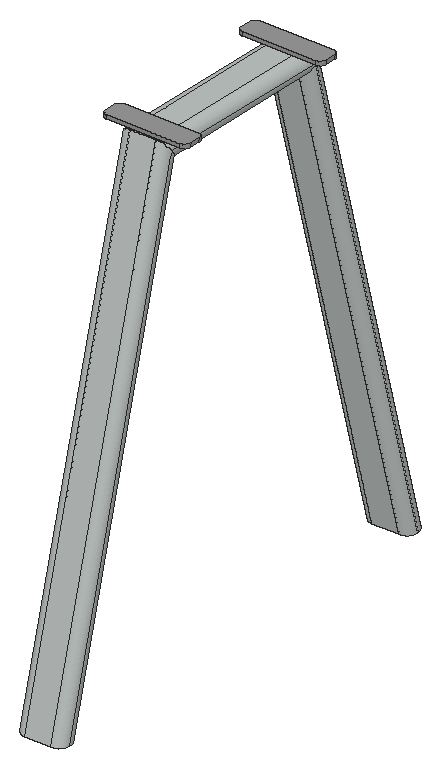
Revit family "FU_Table_Sandler_Plania_PL30220", category Furniture, Revit 2020
Family settings
  OmniClass Number = 23.40.20.00
  OmniClass Title = General Furniture and Specialties
  Work Plane-Based = No
  Always vertical = Yes
  Cut with Voids When Loaded = No
  Shared = No
  Room Calculation Point = No
Parameters (values of type "PL30120")
  Width = 145 mm
  URL = "https://www.sandlerseating.com/product/pl30220/"
  Model = "Plania PL30220"
  Manufacturer = "Sandler"
  Height = 841.5 mm
  Description = "90cm / 36″ high aluminium trestle legs with cable way out for 90cm / 36″ wide Plania table tops. Epoxy finish."
  Depth = 775.6 mm
  Default Elevation = 0 mm
  Aluminum = M1_Aluminum
Reference planes
  plane 1 "Center (Front/Back)": y = 0
  plane 2: z = 0
  plane 3 "Center (Left/Right)": x = 0
  plane 4 "Right": x = -72.5
  plane 5 "Left": x = 72.5
  plane 6 "Back": y = 387.8
  plane 7 "Front": y = -387.8
  plane 8 "Height": z = 841.5
  plane 9 "Seat height": z = 400
  plane 10 "Leg Right Edge": x = -40.5
  plane 11 "Leg Left Edge": x = 40.5
  plane 12 "Right Leg Angle RIGHT": through (4267.2, -369.416, 8.5) normal (0, -0.9659, 0.2588)
  plane 13 "Left Leg Angle LEFT": through (4267.2, 369.416, 8.5) normal (0, -0.9659, -0.2588)
  plane 14 "Top Leg Center RIGHT": z = 817.4
  plane 15 "Glide Height": z = 5.5
  plane 16 "Support Top": z = 835.5
  plane 17: y = -192.858
  plane 18: z = 740.108
  plane 19: y = 192.858
  plane 20 "Right Leg Angle RIGHT": through (4267.2, -479.116, 8.5) normal (0, -0.9659, 0.2588)
  plane 21: y = -302.558
  plane 22 "Left Leg Angle LEFT": through (4267.2, 479.116, 8.5) normal (0, -0.9659, -0.2588)
  plane 23: y = 302.558
Forms (mm)
  Extrusion 1, solid, material "Rubber, Black"
    sketch origin (0, 42.26, 841.5) x (-1, 0, 0) y (0, -1, 0)
      loop
        line (62.5, 205.308) -> (-62.5, 205.308)
        arc (-62.5, 205.308) -> (-69.571, 202.379) -> (-72.5, 195.308) r 10
        line (-72.5, 195.308) -> (-72.5, 177.808)
        arc (-72.5, 177.808) -> (-69.571, 170.736) -> (-62.5, 167.808) r 10
        line (-62.5, 167.808) -> (62.5, 167.808)
        arc (62.5, 167.808) -> (69.571, 170.736) -> (72.5, 177.808) r 10
        line (72.5, 177.808) -> (72.5, 195.308)
        arc (72.5, 195.308) -> (69.571, 202.379) -> (62.5, 205.308) r 10
    from -6 to 0
  Extrusion 2, void
    sketch origin (0, 0, 0) x (0, 1, 0) y (0, 0, 1)
      loop
        line (-389.48, -9.5) -> (-345.258, -9.5) -> (-345.258, 5.5) -> (-389.48, 5.5) -> (-389.48, -9.5)
    from -72.5 to 72.5
  Extrusion 3, void
    sketch origin (0, 0, 0) x (0, -1, 0) y (0, 0, -1)
      loop
        line (-389.48, 9.5) -> (-389.48, -5.5) -> (-345.258, -5.5) -> (-345.258, 9.5) -> (-389.48, 9.5)
    from -72.5 to 72.5
  Extrusion 4, solid
    sketch origin (0, 0, 0) x (1, 0, 0) y (0, 1, 0)
      loop
        arc (-14.25, -365.468) -> (-20.25, -371.468) -> (-14.25, -377.468) r 6
        line (-14.25, -377.468) -> (14.25, -377.468)
        arc (14.25, -377.468) -> (20.25, -371.468) -> (14.25, -365.468) r 6
        line (14.25, -365.468) -> (-14.25, -365.468)
    from 0 to 5.5
  Extrusion 5, solid
    sketch origin (0, 0, 0) x (1, 0, 0) y (0, 1, 0)
      loop
        line (-14.25, 365.468) -> (14.25, 365.468)
        arc (14.25, 365.468) -> (20.25, 371.468) -> (14.25, 377.468) r 6
        line (14.25, 377.468) -> (-14.25, 377.468)
        arc (-14.25, 377.468) -> (-20.25, 371.468) -> (-14.25, 365.468) r 6
    from 0 to 5.5
  Extrusion 6, solid, material "Rubber, Black"
    sketch origin (0, -42.26, 841.5) x (-1, 0, 0) y (0, -1, 0)
      loop
        arc (62.5, -205.308) -> (69.571, -202.379) -> (72.5, -195.308) r 10
        line (72.5, -195.308) -> (72.5, -177.808)
        arc (72.5, -177.808) -> (69.571, -170.736) -> (62.5, -167.808) r 10
        line (62.5, -167.808) -> (-62.5, -167.808)
        arc (-62.5, -167.808) -> (-69.571, -170.736) -> (-72.5, -177.808) r 10
        line (-72.5, -177.808) -> (-72.5, -195.308)
        arc (-72.5, -195.308) -> (-69.571, -202.379) -> (-62.5, -205.308) r 10
        line (-62.5, -205.308) -> (62.5, -205.308)
    from -6 to 0
  Sweep 7, solid, material "M1_Aluminum" <- "Aluminum"
    path origin (0, 0, 0) x (0, 1, 0) y (0, 0, 1)
      loop
        line (-371.468, 0) -> (-152.446, 817.4) -> (152.671, 817.4) -> (371.693, 0)
    profile "Pro Lozenge : W80xH35" origin (0, -261.957, 408.7) x (0, -0.965926, 0.258819) y (1, 0, 0)
      loop
        arc (-17.48, -22.6) -> (-12.381, -34.911) -> (-0.07, -40.01) r 17.41
        arc (-0.07, -40.01) -> (12.361, -34.638) -> (17.48, -22.1) r 17.913
        line (17.48, -22.1) -> (17.48, 22.6)
        arc (17.48, 22.6) -> (12.331, 34.96) -> (-0.07, 40.01) r 17.41
        arc (-0.07, 40.01) -> (-12.381, 34.911) -> (-17.48, 22.6) r 17.41
        line (-17.48, 22.6) -> (-17.48, -22.6)
Cuts and joins
  Extrusion 2, Extrusion 3 cuts Sweep 7
Dimensions and locks
  equal spacing: plane 4 "Right", plane 3 "Center (Left/Right)", plane 5 "Left"
  "Width": plane 4 "Right" to plane 5 "Left"
  equal spacing: plane 6 "Back", plane 1 "Center (Front/Back)", plane 7 "Front"
  "Depth": plane 6 "Back" to plane 7 "Front"
  "Height": plane 8 "Height" to level
  plane 9 "Seat height" to level = 400 mm
  locked: plane 7 "Front" to plane 17 at 194.942
  locked: plane 19 to plane 6 "Back" at 194.942
  plane 8 "Height" to plane 16 "Support Top" to plane 14 "Top Leg Center RIGHT" to plane 18 = 6 mm locked, 18.1 mm locked, 77.292 mm locked
  aligned and locked: level to plane 2
  aligned and locked: plane 15 "Glide Height" to Extrusion 4
Automatic sketch dimensions
  Extrusion 1 sketch curve to plane 5 "Left" = 0 mm
  Extrusion 1 sketch curve to plane 4 "Right" = 0 mm
  Extrusion 1 sketch curve to plane 5 "Left" = 10 mm  (x2)
  plane 4 "Right" to Extrusion 1 sketch curve = 10 mm  (x2)
  plane 17 to Extrusion 1 sketch curve = 29.81 mm
  Extrusion 1 sketch curve to Extrusion 1 sketch curve = 17.5 mm
  Extrusion 2 sketch curve to plane 15 "Glide Height" = 0 mm
  Extrusion 2 sketch curve to plane 7 "Front" = 1.68 mm
  plane 7 "Front" to Extrusion 2 sketch curve = 42.542 mm
  Extrusion 2 sketch curve to level = 9.5 mm
  Extrusion 3 sketch curve to plane 15 "Glide Height" = 0 mm
  Extrusion 3 sketch curve to plane 6 "Back" = 1.68 mm
  plane 6 "Back" to Extrusion 3 sketch curve = 42.542 mm
  level to Extrusion 3 sketch curve = 9.5 mm
  Extrusion 4 sketch curve to plane 3 "Center (Left/Right)" = 14.25 mm
  plane 3 "Center (Left/Right)" to Extrusion 4 sketch curve = 14.25 mm
  plane 7 "Front" to Extrusion 4 sketch curve = 10.332 mm
  Extrusion 4 sketch curve to Extrusion 4 sketch curve = 6 mm
  Extrusion 4 sketch curve to Extrusion 4 sketch curve = 0 mm
  plane 3 "Center (Left/Right)" to Extrusion 5 sketch curve = 14.25 mm
  Extrusion 5 sketch curve to plane 3 "Center (Left/Right)" = 14.25 mm
  plane 6 "Back" to Extrusion 5 sketch curve = 10.332 mm
  Extrusion 5 sketch curve to Extrusion 5 sketch curve = 6 mm
  Extrusion 5 sketch curve to Extrusion 5 sketch curve = 0 mm
  Extrusion 6 sketch curve to plane 5 "Left" = 0 mm
  Extrusion 6 sketch curve to plane 4 "Right" = 0 mm
  plane 5 "Left" to Extrusion 6 sketch curve = 10 mm  (x2)
  Extrusion 6 sketch curve to plane 4 "Right" = 10 mm  (x2)
  Extrusion 6 sketch curve to plane 19 = 29.81 mm
  Extrusion 6 sketch curve to Extrusion 6 sketch curve = 17.5 mm
  Sweep 7 sketch curve to level = 0 mm  (x2)
  plane 14 "Top Leg Center RIGHT" to Sweep 7 sketch curve = 0 mm
  Sweep 7 sketch curve to plane 13 "Left Leg Angle LEFT" = 0 mm
  plane 13 "Left Leg Angle LEFT" to Sweep 7 sketch curve = 0 mm
  Sweep 7 sketch curve to plane 17 = 40.412 mm
  plane 7 "Front" to Sweep 7 sketch curve = 16.332 mm
